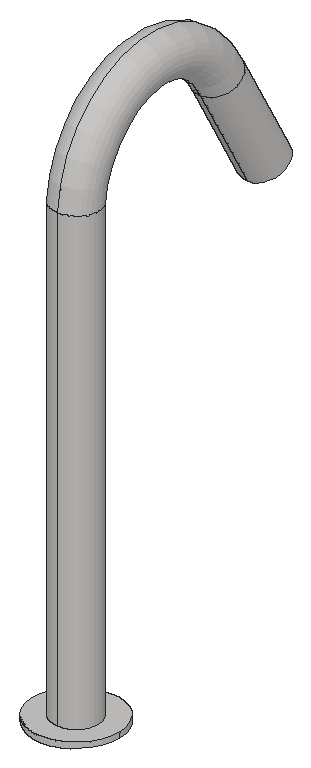
Revit family "TOTO_台付自動水栓_コンテンポラリタイプ__高さ316mm", category 衛生器具, Revit 2022
Family settings
  丸型コネクタ寸法 = 直径を使用
  パーツ タイプ = 標準
  OmniClass 番号 = 23.45.00.00
  OmniClass タイトル = Sanitary, Laundry, and Cleaning Equipment
  作業面ベース = いいえ
  常に垂直 = はい
  ロード時にボイドで切り取り = はい
  注釈の向きを維持 = いいえ
  共有 = いいえ
  部屋計算ポイント = いいえ
Parameters (values of type "TLE26SL1A")
  電線管接続口 = ""
  電源種別 = ""
  電源接続口 = ""
  電圧 = "100V"
  雑排水負荷単位 = 0
  陶器色 = none
  負荷分類 = "9_コンセント"
  製造停止年月 = ""
  製品出荷対象 = "国内"
  製品リリース年月 = "2022年08月"
  製品グループ = ""
  給湯負荷単位 = 0
  給水量情報 = ""
  給水負荷単位(洗浄) = 0
  給水負荷単位(水栓) = 0
  給水接続口情報 = ""
  給水接続口 = ""
  給水タイプ = ""
  積算_科目 = ""
  積算_拾い区分 = ""
  相 = "1"
  盤記号 = ""
  消費電力 = ""
  流量 = ""
  洗浄水量 = ""
  汚水負荷単位 = 0
  標準取付高さ = ""
  極数 = "2"
  最高使用圧力 = 0.0 MPa
  最低使用圧力 = 0.0 MPa
  既定の高さ = 0 mm
  排水芯・排水高さ = ""
  排水接続口情報 = ""
  排水接続口 = ""
  排水 = ""
  幹線記号 = ""
  幅 = "48"
  奥行 = "126"
  周波数 = ""
  参照している仕様書等のバージョン = ""
  分類コード = ""
  分類グループ = ""
  使用水 = "上水"
  企業コード = "504860"
  付属単位 = ""
  中水負荷単位 = 0
  中水接続口 = ""
  上水負荷単位 = 0
  パネル色 = none
  データ作成ソフトVer = "Revit ver.2022"
  タイプのイメージ = ""
  カウンター色 = none
  IfcTypeProduct = ""
  IfcProduct = ""
  IfcExportType = ""
  IfcExportAs = ""
  説明 = "台付自動水栓_コンテンポラリタイプ__高さ316mm"
  設置形態 = ""
  記号 = ""
  製造元 = "TOTO株式会社"
  系統 = ""
  符号 = ""
  特殊仕様 = ""
  法定耐用年数 = ""
  構成品番 = "TLE26SL1A"
  材質 = ""
  温水配管 = yes
  消耗品・備品情報 = ""
  水配管 = yes
  排水配管 = yes
  排気配管 = yes
  形式 = ""
  商品紹介URL = "https://jp.toto.com/products/faucetgroom/functionaqua/"
  商品情報URL = "https://www.com-et.com/jp/item_search/with_img=1/isHaiban=1/kensaku_info=2/qno=0/cometSearch_cate=cometSearch_cate01/searchStr=TLE26SL1A/"
  呼称 = ""
  仕様 = ""
  モデル = "TLE26SL1A"
  データ作成年月 = ""
  コメント [instance] = ""
  キーノート = "0表示の場合は商品仕様と設計数量をご確認ください"
  URL = "https://jp.toto.com"
  JIS記号 = ""
  BLCJ仕様バージョン = "Version1.0"
  3Dファイル形式 = "rfa"
Reference planes
  plane 1 "中心(正面/背面)": y = 0
  plane 2: z = 0
  plane 3 "中心(左/右)": x = 0
  plane 4: z = 316
  plane 5: y = 126
  plane 6: z = 218
Dimensions and locks
  plane 4 to plane 2 = 316 mm  (x2)
  plane 5 to plane 1 "中心(正面/背面)" = 126 mm
  plane 6 to plane 2 = 218 mm  (x2)
  plane 1 "中心(正面/背面)" to plane 5 = 126 mm
  aligned and locked: level to plane 2
Nested families
  nested 1: "TLE26SL1A" at (0, 0, 0), type "TLE26SL1A"
Definition of nested family "TLE26SL1A"
  Parameters (values of type "TLE26SL1A")
    Manufacturer = "TOTO株式会社"
    Default Elevation = 0 mm
    便器マテリアル = none
    Model = ""
    URL = "https://jp.toto.com/"
  Reference planes
    plane 1 "中心(正面/背面)": y = 0
    plane 2: z = 0
    plane 3 "中心(左/右)": x = 0
    plane 4: z = 316
    plane 5: y = -126
    plane 6: z = 218
  Forms (mm)
    Extrusion 1, solid, material <- "便器マテリアル"
      sketch origin (0, 85, -750) x (1, 0, 0) y (0, 1, 0)
        loop
          circle (0, -85) r 24
      from 750 to 753
    Sweep 2, solid, material <- "便器マテリアル"
      path origin (0, 85, -744.055) x (0, 1, 0) y (0, 0, 1)
        loop
          line (-85, 747.055) -> (-85, 999.113)
          arc (-85, 999.113) -> (-125.445, 1046.241) -> (-181.675, 1019.876) r 51.31
          line (-181.675, 1019.876) -> (-213.945, 963.983)
      profile origin (0, 0, 129.029) x (0, -1, 0) y (1, 0, 0)
        loop
          circle (0, 0) r 12.5
  Lines and regions (mm)
    Masking region 1
      outline origin (0, 0, 0) x (1, 0, 0) y (0, 1, 0)
        loop
          line (-12.5, 0) -> (-12.5, -128.946)
          spline (-12.5, -128.946) -> (-12.074, -131.747) -> (-10.825, -134.358) -> (-8.839, -136.6) -> (-6.25, -138.32) -> (-3.235, -139.402) -> (0, -139.771) -> (3.235, -139.402) -> (6.25, -138.32) -> (8.839, -136.6) -> (10.825, -134.358) -> (12.074, -131.747) -> (12.5, -128.946)
          line (12.5, -128.946) -> (12.5, 0)
          arc (12.5, 0) -> (0, 12.5) -> (-12.5, 0) r 12.5
    Masking region 2
      outline origin (-157.559, 0, 50) x (1, 0, 0) y (0, 0, 1)
        loop
          line (145.055, 253.519) -> (145.055, 169.928)
          spline (145.055, 169.928) -> (145.48, 171.546) -> (146.729, 173.053) -> (148.716, 174.348) -> (151.305, 175.341) -> (154.319, 175.965) -> (157.555, 176.178) -> (160.79, 175.965) -> (163.805, 175.341) -> (166.393, 174.348) -> (168.38, 173.053) -> (169.629, 171.546) -> (170.055, 169.928)
          line (170.055, 169.928) -> (170.055, 253.519)
          arc (170.055, 253.519) -> (157.555, 266.019) -> (145.055, 253.519) r 12.5
    Masking region 3
      outline origin (0, 0, 0) x (0, 1, 0) y (0, 0, 1)
        loop
          line (-139.771, 226.178) -> (-118.12, 213.678) -> (-85.712, 269.811)
          arc (-85.712, 269.811) -> (-43.355, 290.016) -> (-12.5, 254.655) r 38.813
          line (-12.5, 254.655) -> (-12.5, 3) -> (12.5, 3) -> (12.5, 255.403)
          arc (12.5, 255.403) -> (-37.495, 314.328) -> (-107.621, 281.863) r 63.813
          line (-107.621, 281.863) -> (-139.771, 226.178)
    Masking region 4
      outline origin (0, 0, 50) x (1, 0, 0) y (0, 0, 1)
        loop
          spline (-12.504, 169.928) -> (-12.078, 168.311) -> (-10.829, 166.803) -> (-8.842, 165.509) -> (-6.252, 164.515) -> (-3.236, 163.891) -> (0, 163.678) -> (3.236, 163.891) -> (6.252, 164.515) -> (8.842, 165.509) -> (10.829, 166.803) -> (12.078, 168.311) -> (12.504, 169.928)
          spline (12.504, 169.928) -> (12.078, 171.546) -> (10.829, 173.053) -> (8.842, 174.348) -> (6.252, 175.341) -> (3.236, 175.965) -> (0, 176.178) -> (-3.236, 175.965) -> (-6.252, 175.341) -> (-8.842, 174.348) -> (-10.829, 173.053) -> (-12.078, 171.546) -> (-12.504, 169.928)
    Masking region 5
      outline origin (0, 0, 0) x (1, 0, 0) y (0, 0, 1)
        loop
          line (-12.504, 219.928) -> (-12.504, 3) -> (12.5, 3) -> (12.5, 219.766)
          spline (12.5, 219.766) -> (11.998, 218.167) -> (10.691, 216.687) -> (8.668, 215.424) -> (6.064, 214.462) -> (3.053, 213.867) -> (-0.162, 213.679) -> (-3.367, 213.909) -> (-6.346, 214.543) -> (-8.899, 215.537) -> (-10.856, 216.827) -> (-12.085, 218.324) -> (-12.504, 219.928)
    Masking region 6
      outline origin (0, 0, 0) x (1, 0, 0) y (0, 0, 1)
        loop
          line (-24, 3) -> (-24, 0) -> (24, 0) -> (24, 3) -> (-24, 3)
    Masking region 7
      outline origin (0, 0, 0) x (0, 1, 0) y (0, 0, 1)
        loop
          line (-24, 3) -> (-24, 0) -> (24, 0) -> (24, 3) -> (-24, 3)
    Masking region 8
      outline origin (0, 0, 0) x (1, 0, 0) y (0, 1, 0)
        loop
          line (12.5, -20.488) -> (12.5, 0)
          arc (12.5, 0) -> (0, 12.5) -> (-12.5, 0) r 12.5
          line (-12.5, 0) -> (-12.5, -20.488)
          arc (-12.5, -20.488) -> (0, 24) -> (12.5, -20.488) r 24
  Dimensions and locks
    plane 4 to level = 316 mm
    plane 5 to plane 1 "中心(正面/背面)" = 126 mm
    plane 6 to level = 218 mm
    aligned and locked: level to plane 2
